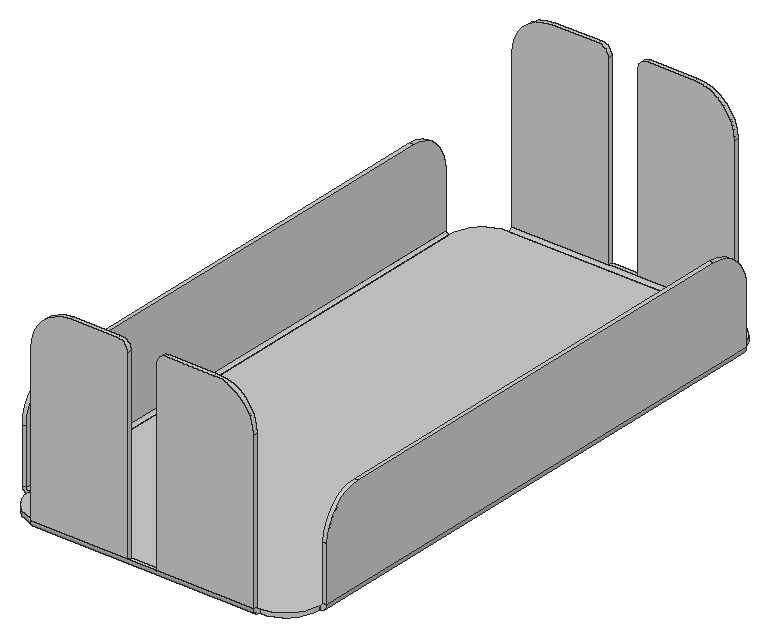
Revit family "Human_Solution-UPLIFT_Desk_Pricacy_Panel-ACC026", category Furniture, Revit 2014
Parameters (values of type "Pricacy Panels ACC026")
  Unit = HMS - Aluminum
  Width = 6.18314"
  URL = "https://www.thehumansolution.com/"
  Type Comments = "Pricacy Panels"  # constant formula
  Salvage or Reuse = yes
  Percentage of Recycled Content = 0
  Model = "ACC026"
  Material = ""
  Manufacturer = "Human Solution"  # constant formula
  Low Emitting Material = yes
  Low Emitting Finish = yes
  Keynote = "12500"
  Height = 0"
  Description = "Pricacy Panels  6.5\"W 12\"D 1\"H"
  Depth = 12"
  Assembly Code = "E2020200"
Reference planes (in)
  plane 1 "Center Front/Back": y = 0
  plane 2: z = 0
  plane 3 "Center Left/Right": x = 0
  plane 4: x = -3.09157
  plane 5: x = 3.09157
  plane 6: z = 4.00563
  plane 7: y = 6
  plane 8: y = -6
Forms (in)
  Sweep 1, solid, material "HMS - Aluminum" <- "Unit"
    path origin (0.25, 0, 0) x (1, 0, 0) y (0, 0, 1)
      loop
        line (0, 0.07874) -> (0, 0)
    profile origin (0.25, 0, 0.03937) x (0, -1, 0) y (1, 0, 0)
      loop
        line (-5.86004, 1.99898) -> (-5.86004, -2.42228)
        arc (-5.86004, -2.42228) -> (-5.66401, -2.89554) -> (-5.19075, -3.09157) r 0.66929
        line (-5.19075, -3.09157) -> (5.19075, -3.09157)
        arc (5.19075, -3.09157) -> (5.66401, -2.89554) -> (5.86004, -2.42228) r 0.66929
        line (5.86004, -2.42228) -> (5.86004, 1.99898)
        arc (5.86004, 1.99898) -> (5.66401, 2.47224) -> (5.19075, 2.66827) r 0.66929
        line (5.19075, 2.66827) -> (-5.19075, 2.66827)
        arc (-5.19075, 2.66827) -> (-5.66401, 2.47224) -> (-5.86004, 1.99898) r 0.66929
  Sweep 2, solid, material "HMS - Aluminum" <- "Unit"
    path origin (0, 0, 0) x (0, 1, 0) y (0, 0, 1)
      loop
        line (5.91909, 2.50563) -> (5.99783, 2.50563)
    profile origin (0, 5.95846, 2.50563) x (0, 0, 1) y (1, 0, 0)
      loop
        line (-2.36784, -0.24905) -> (-2.36784, -2.17228) -> (0.7126, -2.17228)
        arc (0.7126, -2.17228) -> (1.26938, -1.94165) -> (1.5, -1.38487) r 0.7874
        line (1.5, -1.38487) -> (1.5, -0.4459)
        arc (1.5, -0.4459) -> (1.44234, -0.3067) -> (1.30315, -0.24905) r 0.19685
        line (1.30315, -0.24905) -> (-2.36784, -0.24905)
      loop
        arc (1.30315, 0.32576) -> (1.44234, 0.38341) -> (1.5, 0.52261) r 0.19685
        line (1.5, 0.52261) -> (1.5, 1.46158)
        arc (1.5, 1.46158) -> (1.26938, 2.01836) -> (0.7126, 2.24898) r 0.7874
        line (0.7126, 2.24898) -> (-2.36784, 2.24898) -> (-2.36784, 0.32576) -> (1.30315, 0.32576)
  Sweep 3, solid, material "HMS - Aluminum" <- "Unit"
    path origin (0, 0, 0) x (0, -1, 0) y (0, 0, 1)
      loop
        line (5.91909, 2.50563) -> (5.99783, 2.50563)
    profile origin (0, -5.95846, 2.50563) x (0, 0, -1) y (1, 0, 0)
      loop
        line (2.36784, -0.24905) -> (-1.30315, -0.24905)
        arc (-1.30315, -0.24905) -> (-1.44234, -0.3067) -> (-1.5, -0.4459) r 0.19685
        line (-1.5, -0.4459) -> (-1.5, -1.38487)
        arc (-1.5, -1.38487) -> (-1.26938, -1.94165) -> (-0.7126, -2.17228) r 0.7874
        line (-0.7126, -2.17228) -> (2.36784, -2.17228) -> (2.36784, -0.24905)
      loop
        line (-1.30315, 0.32576) -> (2.36784, 0.32576) -> (2.36784, 2.24898) -> (-0.7126, 2.24898)
        arc (-0.7126, 2.24898) -> (-1.26938, 2.01836) -> (-1.5, 1.46158) r 0.7874
        line (-1.5, 1.46158) -> (-1.5, 0.52261)
        arc (-1.5, 0.52261) -> (-1.44234, 0.38341) -> (-1.30315, 0.32576) r 0.19685
  Sweep 4, solid, material "HMS - Aluminum" <- "Unit"
    path origin (0, 0, 0) x (1, 0, 0) y (0, 1, 0)
      loop
        line (-2.17228, 5.91909) -> (2.24898, 5.91909)
    profile origin (0.03835, 5.91909, 0) x (0, 1, 0) y (0, 0, 1)
      loop
        arc (0, 0.1378) -> (-0.0173, 0.09604) -> (-0.05906, 0.07874) r 0.05906
        line (-0.05906, 0.07874) -> (-0.05906, 0)
        arc (-0.05906, 0) -> (0.03838, 0.04036) -> (0.07874, 0.1378) r 0.1378
        line (0.07874, 0.1378) -> (0, 0.1378)
      loop
        line (-11.83819, 0.1378) -> (-11.91693, 0.1378)
        arc (-11.91693, 0.1378) -> (-11.87657, 0.04036) -> (-11.77913, 0) r 0.1378
        line (-11.77913, 0) -> (-11.77913, 0.07874)
        arc (-11.77913, 0.07874) -> (-11.82089, 0.09604) -> (-11.83819, 0.1378) r 0.05906
  Sweep 5, solid, material "HMS - Aluminum" <- "Unit"
    path origin (0, 0, 0) x (1, 0, 0) y (0, 0, 1)
      loop
        line (-2.90062, 1.21941) -> (-2.97936, 1.21941)
    profile origin (-2.93999, 0, 1.21941) x (0, 0, -1) y (0, -1, 0)
      loop
        line (-0.7874, 4.40335) -> (-0.7874, -4.40335)
        arc (-0.7874, -4.40335) -> (-0.55678, -4.96012) -> (0, -5.19075) r 0.7874
        line (0, -5.19075) -> (1.08161, -5.19075) -> (1.08161, 5.19075) -> (0, 5.19075)
        arc (0, 5.19075) -> (-0.55678, 4.96012) -> (-0.7874, 4.40335) r 0.7874
  Sweep 6, solid, material "HMS - Aluminum" <- "Unit"
    path origin (0.07671, 0, 0) x (-1, 0, 0) y (0, 0, 1)
      loop
        line (-2.90062, 1.21941) -> (-2.97936, 1.21941)
    profile origin (3.0167, 0, 1.21941) x (0, 0, 1) y (0, -1, 0)
      loop
        arc (0.7874, 4.40335) -> (0.55678, 4.96012) -> (0, 5.19075) r 0.7874
        line (0, 5.19075) -> (-1.08161, 5.19075) -> (-1.08161, -5.19075) -> (0, -5.19075)
        arc (0, -5.19075) -> (0.55678, -4.96012) -> (0.7874, -4.40335) r 0.7874
        line (0.7874, -4.40335) -> (0.7874, 4.40335)
  Sweep 7, solid, material "HMS - Aluminum" <- "Unit"
    path origin (0, 0, 0) x (1, 0, 0) y (0, 1, 0)
      loop
        line (0, 5.19075) -> (0, -5.19075)
    profile origin (0, 0, 0) x (1, 0, 0) y (0, 0, 1)
      loop
        arc (-2.97936, 0.1378) -> (-2.939, 0.04036) -> (-2.84157, 0) r 0.1378
        line (-2.84157, 0) -> (-2.84157, 0.07874)
        arc (-2.84157, 0.07874) -> (-2.88333, 0.09604) -> (-2.90062, 0.1378) r 0.05906
        line (-2.90062, 0.1378) -> (-2.97936, 0.1378)
      loop
        line (3.05607, 0.1378) -> (2.97733, 0.1378)
        arc (2.97733, 0.1378) -> (2.96003, 0.09604) -> (2.91827, 0.07874) r 0.05906
        line (2.91827, 0.07874) -> (2.91827, 0)
        arc (2.91827, 0) -> (3.01571, 0.04036) -> (3.05607, 0.1378) r 0.1378
Lines and regions (in)
  symbolic lines
    curve 1: arc (-2.17228, 5.86004, 0) -> (-2.64554, 5.66401, 0) -> (-2.84157, 5.19075, 0) r 0.66929
    curve 2: line (-2.84157, 5.19075, 0) -> (-2.84157, -5.19075, 0)
    curve 3: arc (-2.84157, -5.19075, 0) -> (-2.64554, -5.66401, 0) -> (-2.17228, -5.86004, 0) r 0.66929
    curve 4: line (-2.17228, -5.86004, 0) -> (2.24898, -5.86004, 0)
    curve 5: arc (2.24898, -5.86004, 0) -> (2.72224, -5.66401, 0) -> (2.91827, -5.19075, 0) r 0.66929
    curve 6: line (2.91827, -5.19075, 0) -> (2.91827, 5.19075, 0)
    curve 7: arc (2.91827, 5.19075, 0) -> (2.72224, 5.66401, 0) -> (2.24898, 5.86004, 0) r 0.66929
    curve 8: line (2.24898, 5.86004, 0) -> (-2.17228, 5.86004, 0)
    curve 9: line (-2.17228, 5.86004, 0) -> (-2.17228, 5.99783, 0)
    curve 10: line (-2.17228, 5.99783, 0) -> (2.24898, 5.99783, 0)
    curve 11: line (2.24898, 5.99783, 0) -> (2.24898, 5.86004, 0)
    curve 12: line (-2.17228, 5.92894, 0) -> (2.24898, 5.92894, 0)
    curve 13: line (-2.97936, 5.19075, 0) -> (-2.97936, -5.19075, 0)
    curve 14: line (-2.97936, -5.19075, 0) -> (-2.84157, -5.19075, 0)
    curve 15: line (-2.97936, 5.19075, 0) -> (-2.84157, 5.19075, 0)
    curve 16: line (2.91827, 5.19075, 0) -> (3.05607, 5.19075, 0)
    curve 17: line (3.05607, 5.19075, 0) -> (3.05607, -5.19075, 0)
    curve 18: line (3.05607, -5.19075, 0) -> (2.91827, -5.19075, 0)
    curve 19: line (-2.17228, -5.99783, 0) -> (-2.17228, -5.86004, 0)
    curve 20: line (-2.17228, -5.99783, 0) -> (2.24898, -5.99783, 0)
    curve 21: line (2.24898, -5.99783, 0) -> (2.24898, -5.86004, 0)
    curve 22: line (-2.90062, 5.19075, 0) -> (-2.90062, -5.19075, 0)
    curve 23: line (2.98717, -5.19075, 0) -> (2.98717, 5.19075, 0)
    curve 24: line (-2.17228, -5.92894, 0) -> (2.24898, -5.92894, 0)
Dimensions and locks (in)
  equal spacing: plane 4, plane 3 "Center Left/Right", plane 5
  "Width": plane 4 to plane 5
  plane 6 to plane 2 = 4.00563"
  locked: Sweep 1 sketch curve to plane 3 "Center Left/Right" at 0.25
  locked: Sweep 2 sketch curve to Sweep 2 sketch curve at 0.07874
  locked: Sweep 3 sketch curve to Sweep 3 sketch curve at 0.07874
  Sweep 4 sketch curve to Sweep 4 sketch curve to plane 5 = 4.42126" locked, 0.84258" locked
  Sweep 5 sketch curve to Sweep 5 sketch curve to plane 4 = 0.07874" locked, 0.1122" locked
  locked: Sweep 6 sketch curve to Sweep 6 sketch curve at 0.07874
  locked: plane 5 to Sweep 6 sketch curve at 0.0355
  equal spacing: plane 8, plane 1 "Center Front/Back", plane 7
  "Depth": plane 7 to plane 8
  aligned and locked: level to plane 2
  aligned and locked: Sweep 7 sketch curve to plane 3 "Center Left/Right"
  aligned and locked: curve 2 to Sweep 1
  aligned and locked: curve 4 to Sweep 1
  aligned and locked: curve 6 to Sweep 1
  aligned and locked: curve 8 to Sweep 1
Automatic sketch dimensions
  Sweep 1 sketch curve to level = 0"
  Sweep 1 sketch curve to Sweep 1 sketch curve = 0.07874"
  Sweep 1 sketch curve to plane 1 "Center Front/Back" = 5.86004"
  Sweep 1 sketch curve to Sweep 1 sketch curve = 0.66929"  (x3)
  plane 1 "Center Front/Back" to Sweep 1 sketch curve = 5.19075"
  Sweep 1 sketch curve to profile plane = 1.99898"
  Sweep 1 sketch curve to Sweep 1 sketch curve = 0"
  profile plane to Sweep 1 sketch curve = 2.42228"
  Sweep 2 sketch curve to plane 6 = 1 1/2"
  Sweep 2 sketch curve to plane 3 "Center Left/Right" = 0.24905"
  profile plane to Sweep 2 sketch curve = 2.36784"  (x2)
  Sweep 2 sketch curve to profile plane = 0.7126"  (x2)
  Sweep 2 sketch curve to plane 3 "Center Left/Right" = 0.4459"
  Sweep 2 sketch curve to Sweep 2 sketch curve = 0.59055"
  Sweep 2 sketch curve to Sweep 2 sketch curve = 0"
  Sweep 2 sketch curve to Sweep 2 sketch curve = 0.7874"
  Sweep 2 sketch curve to Sweep 2 sketch curve = 0.93898"  (x2)
  plane 3 "Center Left/Right" to Sweep 2 sketch curve = 0.32576"
  plane 6 to Sweep 3 sketch curve = 1 1/2"
  profile plane to Sweep 3 sketch curve = 1 1/2"  (x2)
  Sweep 3 sketch curve to Sweep 3 sketch curve = 0.19685"  (x2)
  profile plane to Sweep 3 sketch curve = 0.7126"  (x2)
  Sweep 3 sketch curve to plane 3 "Center Left/Right" = 0.24905"
  Sweep 3 sketch curve to profile plane = 2.36784"
  Sweep 3 sketch curve to Sweep 3 sketch curve = 0"
  Sweep 3 sketch curve to Sweep 3 sketch curve = 0.93898"  (x2)
  plane 3 "Center Left/Right" to Sweep 3 sketch curve = 0.32576"
  Sweep 4 sketch curve to Sweep 4 sketch curve = 0"  (x4)
  Sweep 4 sketch curve to level = 0"  (x2)
  Sweep 4 sketch curve to profile plane = 0"
  profile plane to Sweep 4 sketch curve = 0.05906"
  level to Sweep 4 sketch curve = 0.1378"
  Sweep 4 sketch curve to Sweep 4 sketch curve = 11.72008"
  Sweep 4 sketch curve to Sweep 4 sketch curve = 0.05906"
  Sweep 4 sketch curve to Sweep 4 sketch curve = 0.07874"
  level to Sweep 5 sketch curve = 1.21941"
  Sweep 5 sketch curve to profile plane = 0"  (x2)
  profile plane to Sweep 5 sketch curve = 0.7874"
  Sweep 5 sketch curve to Sweep 5 sketch curve = 1.08161"
  Sweep 5 sketch curve to plane 1 "Center Front/Back" = 5.19075"
  plane 1 "Center Front/Back" to Sweep 5 sketch curve = 4.40335"
  Sweep 6 sketch curve to level = 1.21941"
  profile plane to Sweep 6 sketch curve = 0"  (x2)
  profile plane to Sweep 6 sketch curve = 1.08161"
  Sweep 6 sketch curve to profile plane = 0.7874"
  Sweep 6 sketch curve to plane 1 "Center Front/Back" = 5.19075"
  plane 1 "Center Front/Back" to Sweep 6 sketch curve = 4.40335"
  Sweep 7 sketch curve to Sweep 7 sketch curve = 0"  (x4)
  Sweep 7 sketch curve to level = 0"  (x2)
  level to Sweep 7 sketch curve = 0.1378"  (x2)
  profile plane to Sweep 7 sketch curve = 2.97936"
  Sweep 7 sketch curve to Sweep 7 sketch curve = 0.05906"  (x2)
  Sweep 7 sketch curve to profile plane = 2.91827"
  Sweep 4 sketch curve to plane 1 "Center Front/Back" = 5.91909"
  Sweep 7 sketch curve to plane 1 "Center Front/Back" = 5.19075"
  Sweep 3 sketch curve to plane 1 "Center Front/Back" = 5.91909"
  plane 1 "Center Front/Back" to Sweep 7 sketch curve = 5.19075"
  plane 4 to curve 13 = 0.1122"
  plane 4 to curve 19 = 0.91929"
  plane 4 to curve 8 = 0.91929"
  curve 11 to plane 5 = 0.84258"
  curve 4 to plane 5 = 0.84258"
  curve 17 to plane 5 = 0.0355"
  curve 19 to plane 8 = 0.00217"
  curve 10 to plane 7 = 0.00217"
  curve 22 to curve 1 = 0.05906"
  curve 23 to curve 17 = 0.0689"
  curve 20 to curve 24 = 0.0689"
  curve 7 to curve 12 = 0.0689"
